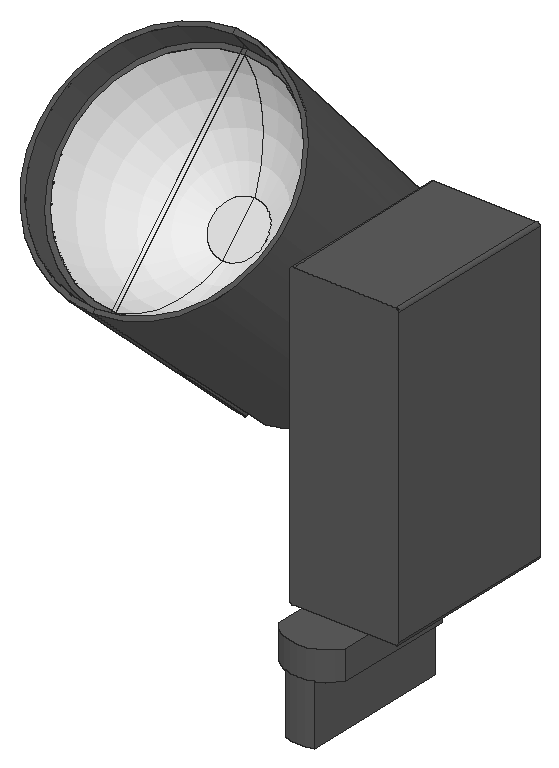
Revit family "0004845 Feilo Sylvania Lighting Fixture START TRACK SPOT L 55W 3K RA80 MB BLACK", category Lighting Fixtures, host Face, Revit 2017 (continued)
Definition of nested family "Start Track Spot Head"
  Types (96, lengths in mm): name | Wattage | built-in parameter 1150134 | Photometric Web File | Model | built-in parameter 1150105 | Lumens | built-in parameter 1150107 | built-in parameter 1150106 | HeadThickness_FEILO | HeadRibOffset_FEILO | HeadRibDepth_FEILO | HeadRibCutWidth_FEILO | HeadRibCutOffset_FEILO | HeadReflectorRadius_FEILO | HeadReflectorOffset_FEILO | HeadLEDRadius_FEILO | HeadHeight_FEILO | HeadDiffusorOffset_FEILO | HeadDiaOut_FEILO | HeadDiaIn_FEILO | HeadAxisFromTop_FEILO | Emit from Circle Diameter | built-in parameter 1150104 | Description | Apparent Load
    0004864 START TRACK SPOT S 24W 3K RA90 WB WHITE | 24 W | (empty or 0) | "0004864.ies" | "START TRACK SPOT S 24W 3K RA90 WB WHITE" | 152.79 (stored number, unit not read) | 1920 lm | 3000 (stored number, unit not read) | 1.5279 (stored number, unit not read) | 1.5 | 4.179 | 55.714 | 7.167 | 50.87 | 50.588 | 55.714 | 9.556 | 117 | 9.435 | 86 | 77.477 | 69.354 | 77.477 | 7.4322 (stored number, unit not read) | "Integrated LED spotlight, Textured White - RAL9016, compact and minimalist design, ideal for retail applications, die-cast aluminium body, passive cooling heatsink. Beam angle: 64°, color temperature: 3000K , total system power: 24W, total fixture output: 1928 lm, LOR: 100%, colour rendering: Ra: 90 typical, LED Chromaticity: 3 step MacAdam ellipse, lifetime: >50000 hours at L70B50, energy class: A++, A+, A, IR/UV free light source without heat radiation, operating voltage: 220-240V / 50-60Hz, drive current: 600mA, electronic driver, non-dimmable, power factor: 0.95, electrical protection: Class II, Global Track 3 Phase adapter suitable for Global trac 3-circuit tracks, ingress protection rating: IP20, suitable for internal environment only, horizontal rotation: 355°, vertical tilt: 90°, dimensions: Ø86x140x200, weight: 0.966kg." | 24 VA
    0004863 START TRACK SPOT S 24W 3K RA90 MB WHITE | 24 W | (empty or 0) | "0004863.ies" | "START TRACK SPOT S 24W 3K RA90 MB WHITE" | 154.7 (stored number, unit not read) | 1944 lm | 3000 (stored number, unit not read) | 1.547 (stored number, unit not read) | 1.5 | 4.179 | 55.714 | 7.167 | 50.87 | 50.588 | 55.714 | 9.556 | 117 | 9.435 | 86 | 77.477 | 69.354 | 77.477 | 7.5251 (stored number, unit not read) | "Integrated LED spotlight, Textured White - RAL9016, compact and minimalist design, ideal for retail applications, die-cast aluminium body, passive cooling heatsink. Beam angle: 36°, color temperature: 3000K , total system power: 24W, total fixture output: 1944 lm, LOR: 100%, colour rendering: Ra: 90 typical, LED Chromaticity: 3 step MacAdam ellipse, lifetime: >50000 hours at L70B50, energy class: A++, A+, A, IR/UV free light source without heat radiation, operating voltage: 220-240V / 50-60Hz, drive current: 600mA, electronic driver, non-dimmable, power factor: 0.95, electrical protection: Class II, Global Track 3 Phase adapter suitable for Global trac 3-circuit tracks, ingress protection rating: IP20, suitable for internal environment only, horizontal rotation: 355°, vertical tilt: 90°, dimensions: Ø86x140x200, weight: 0.966kg." | 24 VA
    0004862 START TRACK SPOT S 24W 3K RA90 NB WHITE | 24 W | (empty or 0) | "0004862.ies" | "START TRACK SPOT S 24W 3K RA90 NB WHITE" | 158.52 (stored number, unit not read) | 1992 lm | 3000 (stored number, unit not read) | 1.5852 (stored number, unit not read) | 1.5 | 4.179 | 55.714 | 7.167 | 50.87 | 50.588 | 55.714 | 9.556 | 117 | 9.435 | 86 | 77.477 | 69.354 | 77.477 | 7.711 (stored number, unit not read) | "Integrated LED spotlight, Textured White - RAL9016, compact and minimalist design, ideal for retail applications, die-cast aluminium body, passive cooling heatsink. Beam angle: 12°, color temperature: 3000K , total system power: 24W, total fixture output: 1987 lm, LOR: 100%, colour rendering: Ra: 90 typical, LED Chromaticity: 3 step MacAdam ellipse, lifetime: >50000 hours at L70B50, energy class: A++, A+, A, IR/UV free light source without heat radiation, operating voltage: 220-240V / 50-60Hz, drive current: 600mA, electronic driver, non-dimmable, power factor: 0.95, electrical protection: Class II, Global Track 3 Phase adapter suitable for Global trac 3-circuit tracks, ingress protection rating: IP20, suitable for internal environment only, horizontal rotation: 355°, vertical tilt: 90°, dimensions: Ø86x140x200, weight: 0.966kg." | 24 VA
    0004861 START TRACK SPOT S 14W 3K RA90 WB WHITE | 14 W | (empty or 0) | "0004861.ies" | "START TRACK SPOT S 14W 3K RA90 WB WHITE" | 100.27 (stored number, unit not read) | 1260 lm | 3000 (stored number, unit not read) | 1.0027 (stored number, unit not read) | 1.5 | 4.179 | 55.714 | 7.167 | 50.87 | 50.588 | 55.714 | 9.556 | 117 | 9.435 | 86 | 77.477 | 69.354 | 77.477 | 8.3613 (stored number, unit not read) | "Integrated LED spotlight, Textured White - RAL9016, compact and minimalist design, ideal for retail applications, die-cast aluminium body, passive cooling heatsink. Beam angle: 64°, color temperature: 3000K , total system power: 14W, total fixture output: 1262 lm, LOR: 100%, colour rendering: Ra: 90 typical, LED Chromaticity: 3 step MacAdam ellipse, lifetime: >50000 hours at L70B50, energy class: A++, A+, A, IR/UV free light source without heat radiation, operating voltage: 220-240V / 50-60Hz, drive current: 350mA, electronic driver, non-dimmable, power factor: 0.92, electrical protection: Class II, Global Track 3 Phase adapter suitable for Global trac 3-circuit tracks, ingress protection rating: IP20, suitable for internal environment only, horizontal rotation: 355°, vertical tilt: 90°, dimensions: Ø86x140x200, weight: 0.940kg." | 14 VA
    0004860 START TRACK SPOT S 14W 3K RA90 MB WHITE | 14 W | (empty or 0) | "0004860.ies" | "START TRACK SPOT S 14W 3K RA90 MB WHITE" | 100.27 (stored number, unit not read) | 1260 lm | 3000 (stored number, unit not read) | 1.0027 (stored number, unit not read) | 1.5 | 4.179 | 55.714 | 7.167 | 50.87 | 50.588 | 55.714 | 9.556 | 117 | 9.435 | 86 | 77.477 | 69.354 | 77.477 | 8.3613 (stored number, unit not read) | "Integrated LED spotlight, Textured White - RAL9016, compact and minimalist design, ideal for retail applications, die-cast aluminium body, passive cooling heatsink. Beam angle: 36°, color temperature: 3000K , total system power: 14W, total fixture output: 1262 lm, LOR: 100%, colour rendering: Ra: 90 typical, LED Chromaticity: 3 step MacAdam ellipse, lifetime: >50000 hours at L70B50, energy class: A++, A+, A, IR/UV free light source without heat radiation, operating voltage: 220-240V / 50-60Hz, drive current: 350mA, electronic driver, non-dimmable, power factor: 0.92, electrical protection: Class II, Global Track 3 Phase adapter suitable for Global trac 3-circuit tracks, ingress protection rating: IP20, suitable for internal environment only, horizontal rotation: 355°, vertical tilt: 90°, dimensions: Ø86x140x200, weight: 0.940kg." | 14 VA
    0004859 START TRACK SPOT S 14W 3K RA90 NB WHITE | 14 W | (empty or 0) | "0004859.ies" | "START TRACK SPOT S 14W 3K RA90 NB WHITE" | 102.5 (stored number, unit not read) | 1288 lm | 3000 (stored number, unit not read) | 1.025 (stored number, unit not read) | 1.5 | 4.179 | 55.714 | 7.167 | 50.87 | 50.588 | 55.714 | 9.556 | 117 | 9.435 | 86 | 77.477 | 69.354 | 77.477 | 8.5471 (stored number, unit not read) | "Integrated LED spotlight, Textured White - RAL9016, compact and minimalist design, ideal for retail applications, die-cast aluminium body, passive cooling heatsink. Beam angle: 12°, color temperature: 3000K , total system power: 14W, total fixture output: 1284 lm, LOR: 100%, colour rendering: Ra: 90 typical, LED Chromaticity: 3 step MacAdam ellipse, lifetime: >50000 hours at L70B50, energy class: A++, A+, A, IR/UV free light source without heat radiation, operating voltage: 220-240V / 50-60Hz, drive current: 350mA, electronic driver, non-dimmable, power factor: 0.92, electrical protection: Class II, Global Track 3 Phase adapter suitable for Global trac 3-circuit tracks, ingress protection rating: IP20, suitable for internal environment only, horizontal rotation: 355°, vertical tilt: 90°, dimensions: Ø86x140x200, weight: 0.940kg." | 14 VA
    0004858 START TRACK SPOT L 55W 4K RA80 WB BLACK | 55 W | 12 | "0004858.ies" | "START TRACK SPOT L 55W 4K RA80 WB BLACK" | 424.55 (stored number, unit not read) | 5335 lm | 4000 (stored number, unit not read) | 4.2455 (stored number, unit not read) | 2 | 4.429 | 59.048 | 9.417 | 53.913 | 66.471 | 59.048 | 12.556 | 124 | 10 | 113 | 101.802 | 73.503 | 101.802 | 9.0116 (stored number, unit not read) | "Integrated LED spotlight, Textured Black - RAL9005, compact and minimalist design, ideal for retail applications, die-cast aluminium body, passive cooling heatsink. Beam angle: 52°, color temperature: 4000K , total system power: 55W, total fixture output: 5320 lm, LOR: 100%, colour rendering: Ra: 80 typical, LED Chromaticity: 3 step MacAdam ellipse, lifetime: >50000 hours at L70B50, energy class: A++, A+, A, IR/UV free light source without heat radiation, operating voltage: 220-240V / 50-60Hz, drive current: 1400mA, electronic driver, non-dimmable, power factor: 0.96, electrical protection: Class II, Global Track 3 Phase adapter suitable for Global trac 3-circuit tracks, ingress protection rating: IP20, suitable for internal environment only, horizontal rotation: 355°, vertical tilt: 90°, dimensions: Ø113x164x240, weight: 1.398kg." | 55 VA
    0004857 START TRACK SPOT L 55W 4K RA80 MB BLACK | 55 W | 12 | "0004857.ies" | "START TRACK SPOT L 55W 4K RA80 MB BLACK" | 428.92 (stored number, unit not read) | 5390 lm | 4000 (stored number, unit not read) | 4.2892 (stored number, unit not read) | 2 | 4.429 | 59.048 | 9.417 | 53.913 | 66.471 | 59.048 | 12.556 | 124 | 10 | 113 | 101.802 | 73.503 | 101.802 | 9.1045 (stored number, unit not read) | "Integrated LED spotlight, Textured Black - RAL9005, compact and minimalist design, ideal for retail applications, die-cast aluminium body, passive cooling heatsink. Beam angle: 38°, color temperature: 4000K , total system power: 55W, total fixture output: 5378 lm, LOR: 100%, colour rendering: Ra: 80 typical, LED Chromaticity: 3 step MacAdam ellipse, lifetime: >50000 hours at L70B50, energy class: A++, A+, A, IR/UV free light source without heat radiation, operating voltage: 220-240V / 50-60Hz, drive current: 1400mA, electronic driver, non-dimmable, power factor: 0.96, electrical protection: Class II, Global Track 3 Phase adapter suitable for Global trac 3-circuit tracks, ingress protection rating: IP20, suitable for internal environment only, horizontal rotation: 355°, vertical tilt: 90°, dimensions: Ø113x164x240, weight: 1.398kg." | 55 VA
    0004856 START TRACK SPOT L 55W 4K RA80 NB BLACK | 55 W | 12 | "0004856.ies" | "START TRACK SPOT L 55W 4K RA80 NB BLACK" | 433.3 (stored number, unit not read) | 5445 lm | 4000 (stored number, unit not read) | 4.333 (stored number, unit not read) | 2 | 4.429 | 59.048 | 9.417 | 53.913 | 66.471 | 59.048 | 12.556 | 124 | 10 | 113 | 101.802 | 73.503 | 101.802 | 9.1974 (stored number, unit not read) | "Integrated LED spotlight, Textured Black - RAL9005, compact and minimalist design, ideal for retail applications, die-cast aluminium body, passive cooling heatsink. Beam angle: 15°, color temperature: 4000K , total system power: 55W, total fixture output: 5426 lm, LOR: 100%, colour rendering: Ra: 80 typical, LED Chromaticity: 3 step MacAdam ellipse, lifetime: >50000 hours at L70B50, energy class: A++, A+, A, IR/UV free light source without heat radiation, operating voltage: 220-240V / 50-60Hz, drive current: 1400mA, electronic driver, non-dimmable, power factor: 0.96, electrical protection: Class II, Global Track 3 Phase adapter suitable for Global trac 3-circuit tracks, ingress protection rating: IP20, suitable for internal environment only, horizontal rotation: 355°, vertical tilt: 90°, dimensions: Ø113x164x240, weight: 1.398kg." | 55 VA
    0004855 START TRACK SPOT L 35W 4K RA80 WB BLACK | 35 W | 12 | "0004855.ies" | "START TRACK SPOT L 35W 4K RA80 WB BLACK" | 320.3 (stored number, unit not read) | 4025 lm | 4000 (stored number, unit not read) | 3.203 (stored number, unit not read) | 2 | 4.429 | 59.048 | 9.417 | 53.913 | 66.471 | 59.048 | 12.556 | 124 | 10 | 113 | 101.802 | 73.503 | 101.802 | 10.684 (stored number, unit not read) | "Integrated LED spotlight, Textured Black - RAL9005, compact and minimalist design, ideal for retail applications, die-cast aluminium body, passive cooling heatsink. Beam angle: 52°, color temperature: 4000K , total system power: 35W, total fixture output: 4010 lm, LOR: 100%, colour rendering: Ra: 80 typical, LED Chromaticity: 3 step MacAdam ellipse, lifetime: >50000 hours at L70B50, energy class: A++, A+, A, IR/UV free light source without heat radiation, operating voltage: 220-240V / 50-60Hz, drive current: 900mA, electronic driver, non-dimmable, power factor: 0.93, electrical protection: Class II, Global Track 3 Phase adapter suitable for Global trac 3-circuit tracks, ingress protection rating: IP20, suitable for internal environment only, horizontal rotation: 355°, vertical tilt: 90°, dimensions: Ø113x164x240, weight: 1.368kg." | 35 VA
    0004854 START TRACK SPOT L 35W 4K RA80 MB BLACK | 35 W | 12 | "0004854.ies" | "START TRACK SPOT L 35W 4K RA80 MB BLACK" | 320.3 (stored number, unit not read) | 4025 lm | 4000 (stored number, unit not read) | 3.203 (stored number, unit not read) | 2 | 4.429 | 59.048 | 9.417 | 53.913 | 66.471 | 59.048 | 12.556 | 124 | 10 | 113 | 101.802 | 73.503 | 101.802 | 10.684 (stored number, unit not read) | "Integrated LED spotlight, Textured Black - RAL9005, compact and minimalist design, ideal for retail applications, die-cast aluminium body, passive cooling heatsink. Beam angle: 38°, color temperature: 4000K , total system power: 35W, total fixture output: 4017 lm, LOR: 100%, colour rendering: Ra: 80 typical, LED Chromaticity: 3 step MacAdam ellipse, lifetime: >50000 hours at L70B50, energy class: A++, A+, A, IR/UV free light source without heat radiation, operating voltage: 220-240V / 50-60Hz, drive current: 900mA, electronic driver, non-dimmable, power factor: 0.93, electrical protection: Class II, Global Track 3 Phase adapter suitable for Global trac 3-circuit tracks, ingress protection rating: IP20, suitable for internal environment only, horizontal rotation: 355°, vertical tilt: 90°, dimensions: Ø113x164x240, weight: 1.368kg." | 35 VA
    0004853 START TRACK SPOT L 35W 4K RA80 NB BLACK | 35 W | 12 | "0004853.ies" | "START TRACK SPOT L 35W 4K RA80 NB BLACK" | 331.44 (stored number, unit not read) | 4165 lm | 4000 (stored number, unit not read) | 3.3144 (stored number, unit not read) | 2 | 4.429 | 59.048 | 9.417 | 53.913 | 66.471 | 59.048 | 12.556 | 124 | 10 | 113 | 101.802 | 73.503 | 101.802 | 11.055 (stored number, unit not read) | "Integrated LED spotlight, Textured Black - RAL9005, compact and minimalist design, ideal for retail applications, die-cast aluminium body, passive cooling heatsink. Beam angle: 15°, color temperature: 4000K , total system power: 35W, total fixture output: 4174 lm, LOR: 100%, colour rendering: Ra: 80 typical, LED Chromaticity: 3 step MacAdam ellipse, lifetime: >50000 hours at L70B50, energy class: A++, A+, A, IR/UV free light source without heat radiation, operating voltage: 220-240V / 50-60Hz, drive current: 900mA, electronic driver, non-dimmable, power factor: 0.93, electrical protection: Class II, Global Track 3 Phase adapter suitable for Global trac 3-circuit tracks, ingress protection rating: IP20, suitable for internal environment only, horizontal rotation: 355°, vertical tilt: 90°, dimensions: Ø113x164x240, weight: 1.368kg." | 35 VA
    0004852 START TRACK SPOT S 24W 4K RA80 WB BLACK | 24 W | 12 | "0004852.ies" | "START TRACK SPOT S 24W 4K RA80 WB BLACK" | 196.72 (stored number, unit not read) | 2472 lm | 4000 (stored number, unit not read) | 1.9672 (stored number, unit not read) | 1.5 | 4.179 | 55.714 | 7.167 | 50.87 | 50.588 | 55.714 | 9.556 | 117 | 9.435 | 86 | 77.477 | 69.354 | 77.477 | 9.569 (stored number, unit not read) | "Integrated LED spotlight, Textured Black - RAL9005, compact and minimalist design, ideal for retail applications, die-cast aluminium body, passive cooling heatsink. Beam angle: 64°, color temperature: 4000K , total system power: 24W, total fixture output: 2476 lm, LOR: 100%, colour rendering: Ra: 80 typical, LED Chromaticity: 3 step MacAdam ellipse, lifetime: >50000 hours at L70B50, energy class: A++, A+, A, IR/UV free light source without heat radiation, operating voltage: 220-240V / 50-60Hz, drive current: 600mA, electronic driver, non-dimmable, power factor: 0.95, electrical protection: Class II, Global Track 3 Phase adapter suitable for Global trac 3-circuit tracks, ingress protection rating: IP20, suitable for internal environment only, horizontal rotation: 355°, vertical tilt: 90°, dimensions: Ø86x140x200, weight: 0.966kg." | 24 VA
    0004851 START TRACK SPOT S 24W 4K RA80 MB BLACK | 24 W | 12 | "0004851.ies" | "START TRACK SPOT S 24W 4K RA80 MB BLACK" | 198.63 (stored number, unit not read) | 2496 lm | 4000 (stored number, unit not read) | 1.9863 (stored number, unit not read) | 1.5 | 4.179 | 55.714 | 7.167 | 50.87 | 50.588 | 55.714 | 9.556 | 117 | 9.435 | 86 | 77.477 | 69.354 | 77.477 | 9.6619 (stored number, unit not read) | "Integrated LED spotlight, Textured Black - RAL9005, compact and minimalist design, ideal for retail applications, die-cast aluminium body, passive cooling heatsink. Beam angle: 36°, color temperature: 4000K , total system power: 24W, total fixture output: 2487 lm, LOR: 100%, colour rendering: Ra: 80 typical, LED Chromaticity: 3 step MacAdam ellipse, lifetime: >50000 hours at L70B50, energy class: A++, A+, A, IR/UV free light source without heat radiation, operating voltage: 220-240V / 50-60Hz, drive current: 600mA, electronic driver, non-dimmable, power factor: 0.95, electrical protection: Class II, Global Track 3 Phase adapter suitable for Global trac 3-circuit tracks, ingress protection rating: IP20, suitable for internal environment only, horizontal rotation: 355°, vertical tilt: 90°, dimensions: Ø86x140x200, weight: 0.966kg." | 24 VA
    0004850 START TRACK SPOT S 24W 4K RA80 NB BLACK | 24 W | 12 | "0004850.ies" | "START TRACK SPOT S 24W 4K RA80 NB BLACK" | 200.54 (stored number, unit not read) | 2520 lm | 4000 (stored number, unit not read) | 2.0054 (stored number, unit not read) | 1.5 | 4.179 | 55.714 | 7.167 | 50.87 | 50.588 | 55.714 | 9.556 | 117 | 9.435 | 86 | 77.477 | 69.354 | 77.477 | 9.7548 (stored number, unit not read) | "Integrated LED spotlight, Textured Black - RAL9005, compact and minimalist design, ideal for retail applications, die-cast aluminium body, passive cooling heatsink. Beam angle: 12°, color temperature: 4000K , total system power: 24W, total fixture output: 2529 lm, LOR: 100%, colour rendering: Ra: 80 typical, LED Chromaticity: 3 step MacAdam ellipse, lifetime: >50000 hours at L70B50, energy class: A++, A+, A, IR/UV free light source without heat radiation, operating voltage: 220-240V / 50-60Hz, drive current: 600mA, electronic driver, non-dimmable, power factor: 0.95, electrical protection: Class II, Global Track 3 Phase adapter suitable for Global trac 3-circuit tracks, ingress protection rating: IP20, suitable for internal environment only, horizontal rotation: 355°, vertical tilt: 90°, dimensions: Ø86x140x200, weight: 0.966kg." | 24 VA
    0004849 START TRACK SPOT S 14W 4K RA80 WB BLACK | 14 W | 12 | "0004849.ies" | "START TRACK SPOT S 14W 4K RA80 WB BLACK" | 123.66 (stored number, unit not read) | 1554 lm | 4000 (stored number, unit not read) | 1.2366 (stored number, unit not read) | 1.5 | 4.179 | 55.714 | 7.167 | 50.87 | 50.588 | 55.714 | 9.556 | 117 | 9.435 | 86 | 77.477 | 69.354 | 77.477 | 10.312 (stored number, unit not read) | "Integrated LED spotlight, Textured Black - RAL9005, compact and minimalist design, ideal for retail applications, die-cast aluminium body, passive cooling heatsink. Beam angle: 64°, color temperature: 4000K , total system power: 14W, total fixture output: 1558 lm, LOR: 100%, colour rendering: Ra: 80 typical, LED Chromaticity: 3 step MacAdam ellipse, lifetime: >50000 hours at L70B50, energy class: A++, A+, A, IR/UV free light source without heat radiation, operating voltage: 220-240V / 50-60Hz, drive current: 350mA, electronic driver, non-dimmable, power factor: 0.92, electrical protection: Class II, Global Track 3 Phase adapter suitable for Global trac 3-circuit tracks, ingress protection rating: IP20, suitable for internal environment only, horizontal rotation: 355°, vertical tilt: 90°, dimensions: Ø86x140x200, weight: 0.940kg." | 14 VA
    0004848 START TRACK SPOT S 14W 4K RA80 MB BLACK | 14 W | 12 | "0004848.ies" | "START TRACK SPOT S 14W 4K RA80 MB BLACK" | 127.01 (stored number, unit not read) | 1596 lm | 4000 (stored number, unit not read) | 1.2701 (stored number, unit not read) | 1.5 | 4.179 | 55.714 | 7.167 | 50.87 | 50.588 | 55.714 | 9.556 | 117 | 9.435 | 86 | 77.477 | 69.354 | 77.477 | 10.591 (stored number, unit not read) | "Integrated LED spotlight, Textured Black - RAL9005, compact and minimalist design, ideal for retail applications, die-cast aluminium body, passive cooling heatsink. Beam angle: 36°, color temperature: 4000K , total system power: 14W, total fixture output: 1598 lm, LOR: 100%, colour rendering: Ra: 80 typical, LED Chromaticity: 3 step MacAdam ellipse, lifetime: >50000 hours at L70B50, energy class: A++, A+, A, IR/UV free light source without heat radiation, operating voltage: 220-240V / 50-60Hz, drive current: 350mA, electronic driver, non-dimmable, power factor: 0.92, electrical protection: Class II, Global Track 3 Phase adapter suitable for Global trac 3-circuit tracks, ingress protection rating: IP20, suitable for internal environment only, horizontal rotation: 355°, vertical tilt: 90°, dimensions: Ø86x140x200, weight: 0.940kg." | 14 VA
    0004847 START TRACK SPOT S 14W 4K RA80 NB BLACK | 14 W | 12 | "0004847.ies" | "START TRACK SPOT S 14W 4K RA80 NB BLACK" | 128.12 (stored number, unit not read) | 1610 lm | 4000 (stored number, unit not read) | 1.2812 (stored number, unit not read) | 1.5 | 4.179 | 55.714 | 7.167 | 50.87 | 50.588 | 55.714 | 9.556 | 117 | 9.435 | 86 | 77.477 | 69.354 | 77.477 | 10.684 (stored number, unit not read) | "Integrated LED spotlight, Textured Black - RAL9005, compact and minimalist design, ideal for retail applications, die-cast aluminium body, passive cooling heatsink. Beam angle: 12°, color temperature: 4000K , total system power: 14W, total fixture output: 1608 lm, LOR: 100%, colour rendering: Ra: 80 typical, LED Chromaticity: 3 step MacAdam ellipse, lifetime: >50000 hours at L70B50, energy class: A++, A+, A, IR/UV free light source without heat radiation, operating voltage: 220-240V / 50-60Hz, drive current: 350mA, electronic driver, non-dimmable, power factor: 0.92, electrical protection: Class II, Global Track 3 Phase adapter suitable for Global trac 3-circuit tracks, ingress protection rating: IP20, suitable for internal environment only, horizontal rotation: 355°, vertical tilt: 90°, dimensions: Ø86x140x200, weight: 0.940kg." | 14 VA
    0004846 START TRACK SPOT L 55W 3K RA80 WB BLACK | 55 W | (empty or 0) | "0004846.ies" | "START TRACK SPOT L 55W 3K RA80 WB BLACK" | 420.17 (stored number, unit not read) | 5280 lm | 3000 (stored number, unit not read) | 4.2017 (stored number, unit not read) | 2 | 4.429 | 59.048 | 9.417 | 53.913 | 66.471 | 59.048 | 12.556 | 124 | 10 | 113 | 101.802 | 73.503 | 101.802 | 8.9187 (stored number, unit not read) | "Integrated LED spotlight, Textured Black - RAL9005, compact and minimalist design, ideal for retail applications, die-cast aluminium body, passive cooling heatsink. Beam angle: 52°, color temperature: 3000K , total system power: 55W, total fixture output: 5298 lm, LOR: 100%, colour rendering: Ra: 80 typical, LED Chromaticity: 3 step MacAdam ellipse, lifetime: >50000 hours at L70B50, energy class: A++, A+, A, IR/UV free light source without heat radiation, operating voltage: 220-240V / 50-60Hz, drive current: 1400mA, electronic driver, non-dimmable, power factor: 0.96, electrical protection: Class II, Global Track 3 Phase adapter suitable for Global trac 3-circuit tracks, ingress protection rating: IP20, suitable for internal environment only, horizontal rotation: 355°, vertical tilt: 90°, dimensions: Ø113x164x240, weight: 1.398kg." | 55 VA
    0004845 START TRACK SPOT L 55W 3K RA80 MB BLACK | 55 W | (empty or 0) | "0004845.ies" | "START TRACK SPOT L 55W 3K RA80 MB BLACK" | 428.92 (stored number, unit not read) | 5390 lm | 3000 (stored number, unit not read) | 4.2892 (stored number, unit not read) | 2 | 4.429 | 59.048 | 9.417 | 53.913 | 66.471 | 59.048 | 12.556 | 124 | 10 | 113 | 101.802 | 73.503 | 101.802 | 9.1045 (stored number, unit not read) | "Integrated LED spotlight, Textured Black - RAL9005, compact and minimalist design, ideal for retail applications, die-cast aluminium body, passive cooling heatsink. Beam angle: 38°, color temperature: 3000K , total system power: 55W, total fixture output: 5381 lm, LOR: 100%, colour rendering: Ra: 80 typical, LED Chromaticity: 3 step MacAdam ellipse, lifetime: >50000 hours at L70B50, energy class: A++, A+, A, IR/UV free light source without heat radiation, operating voltage: 220-240V / 50-60Hz, drive current: 1400mA, electronic driver, non-dimmable, power factor: 0.96, electrical protection: Class II, Global Track 3 Phase adapter suitable for Global trac 3-circuit tracks, ingress protection rating: IP20, suitable for internal environment only, horizontal rotation: 355°, vertical tilt: 90°, dimensions: Ø113x164x240, weight: 1.398kg." | 55 VA
    0004844 START TRACK SPOT L 55W 3K RA80 NB BLACK | 55 W | (empty or 0) | "0004844.ies" | "START TRACK SPOT L 55W 3K RA80 NB BLACK" | 433.3 (stored number, unit not read) | 5445 lm | 3000 (stored number, unit not read) | 4.333 (stored number, unit not read) | 2 | 4.429 | 59.048 | 9.417 | 53.913 | 66.471 | 59.048 | 12.556 | 124 | 10 | 113 | 101.802 | 73.503 | 101.802 | 9.1974 (stored number, unit not read) | "Integrated LED spotlight, Textured Black - RAL9005, compact and minimalist design, ideal for retail applications, die-cast aluminium body, passive cooling heatsink. Beam angle: 15°, color temperature: 3000K , total system power: 55W, total fixture output: 5449 lm, LOR: 100%, colour rendering: Ra: 80 typical, LED Chromaticity: 3 step MacAdam ellipse, lifetime: >50000 hours at L70B50, energy class: A++, A+, A, IR/UV free light source without heat radiation, operating voltage: 220-240V / 50-60Hz, drive current: 1400mA, electronic driver, non-dimmable, power factor: 0.96, electrical protection: Class II, Global Track 3 Phase adapter suitable for Global trac 3-circuit tracks, ingress protection rating: IP20, suitable for internal environment only, horizontal rotation: 355°, vertical tilt: 90°, dimensions: Ø113x164x240, weight: 1.398kg." | 55 VA
    0004843 START TRACK SPOT L 35W 3K RA80 WB BLACK | 35 W | (empty or 0) | "0004843.ies" | "START TRACK SPOT L 35W 3K RA80 WB BLACK" | 314.73 (stored number, unit not read) | 3955 lm | 3000 (stored number, unit not read) | 3.1473 (stored number, unit not read) | 2 | 4.429 | 59.048 | 9.417 | 53.913 | 66.471 | 59.048 | 12.556 | 124 | 10 | 113 | 101.802 | 73.503 | 101.802 | 10.498 (stored number, unit not read) | "Integrated LED spotlight, Textured Black - RAL9005, compact and minimalist design, ideal for retail applications, die-cast aluminium body, passive cooling heatsink. Beam angle: 52°, color temperature: 3000K , total system power: 35W, total fixture output: 3943 lm, LOR: 100%, colour rendering: Ra: 80 typical, LED Chromaticity: 3 step MacAdam ellipse, lifetime: >50000 hours at L70B50, energy class: A++, A+, A, IR/UV free light source without heat radiation, operating voltage: 220-240V / 50-60Hz, drive current: 900mA, electronic driver, non-dimmable, power factor: 0.93, electrical protection: Class II, Global Track 3 Phase adapter suitable for Global trac 3-circuit tracks, ingress protection rating: IP20, suitable for internal environment only, horizontal rotation: 355°, vertical tilt: 90°, dimensions: Ø113x164x240, weight: 1.368kg." | 35 VA
    0004842 START TRACK SPOT L 35W 3K RA80 MB BLACK | 35 W | (empty or 0) | "0004842.ies" | "START TRACK SPOT L 35W 3K RA80 MB BLACK" | 320.3 (stored number, unit not read) | 4025 lm | 3000 (stored number, unit not read) | 3.203 (stored number, unit not read) | 2 | 4.429 | 59.048 | 9.417 | 53.913 | 66.471 | 59.048 | 12.556 | 124 | 10 | 113 | 101.802 | 73.503 | 101.802 | 10.684 (stored number, unit not read) | "Integrated LED spotlight, Textured Black - RAL9005, compact and minimalist design, ideal for retail applications, die-cast aluminium body, passive cooling heatsink. Beam angle: 38°, color temperature: 3000K , total system power: 35W, total fixture output: 4008 lm, LOR: 100%, colour rendering: Ra: 80 typical, LED Chromaticity: 3 step MacAdam ellipse, lifetime: >50000 hours at L70B50, energy class: A++, A+, A, IR/UV free light source without heat radiation, operating voltage: 220-240V / 50-60Hz, drive current: 900mA, electronic driver, non-dimmable, power factor: 0.93, electrical protection: Class II, Global Track 3 Phase adapter suitable for Global trac 3-circuit tracks, ingress protection rating: IP20, suitable for internal environment only, horizontal rotation: 355°, vertical tilt: 90°, dimensions: Ø113x164x240, weight: 1.368kg." | 35 VA
    0004841 START TRACK SPOT L 35W 3K RA80 NB BLACK | 35 W | (empty or 0) | "0004841.ies" | "START TRACK SPOT L 35W 3K RA80 NB BLACK" | 317.51 (stored number, unit not read) | 3990 lm | 3000 (stored number, unit not read) | 3.1751 (stored number, unit not read) | 2 | 4.429 | 59.048 | 9.417 | 53.913 | 66.471 | 59.048 | 12.556 | 124 | 10 | 113 | 101.802 | 73.503 | 101.802 | 10.591 (stored number, unit not read) | "Integrated LED spotlight, Textured Black - RAL9005, compact and minimalist design, ideal for retail applications, die-cast aluminium body, passive cooling heatsink. Beam angle: 15°, color temperature: 3000K , total system power: 35W, total fixture output: 4005 lm, LOR: 100%, colour rendering: Ra: 80 typical, LED Chromaticity: 3 step MacAdam ellipse, lifetime: >50000 hours at L70B50, energy class: A++, A+, A, IR/UV free light source without heat radiation, operating voltage: 220-240V / 50-60Hz, drive current: 900mA, electronic driver, non-dimmable, power factor: 0.93, electrical protection: Class II, Global Track 3 Phase adapter suitable for Global trac 3-circuit tracks, ingress protection rating: IP20, suitable for internal environment only, horizontal rotation: 355°, vertical tilt: 90°, dimensions: Ø113x164x240, weight: 1.368kg." | 35 VA
    0004840 START TRACK SPOT S 24W 3K RA80 WB BLACK | 24 W | (empty or 0) | "0004840.ies" | "START TRACK SPOT S 24W 3K RA80 WB BLACK" | 185.26 (stored number, unit not read) | 2328 lm | 3000 (stored number, unit not read) | 1.8526 (stored number, unit not read) | 1.5 | 4.179 | 55.714 | 7.167 | 50.87 | 50.588 | 55.714 | 9.556 | 117 | 9.435 | 86 | 77.477 | 69.354 | 77.477 | 9.0116 (stored number, unit not read) | "Integrated LED spotlight, Textured Black - RAL9005, compact and minimalist design, ideal for retail applications, die-cast aluminium body, passive cooling heatsink. Beam angle: 64°, color temperature: 3000K , total system power: 24W, total fixture output: 2318 lm, LOR: 100%, colour rendering: Ra: 80 typical, LED Chromaticity: 3 step MacAdam ellipse, lifetime: >50000 hours at L70B50, energy class: A++, A+, A, IR/UV free light source without heat radiation, operating voltage: 220-240V / 50-60Hz, drive current: 600mA, electronic driver, non-dimmable, power factor: 0.95, electrical protection: Class II, Global Track 3 Phase adapter suitable for Global trac 3-circuit tracks, ingress protection rating: IP20, suitable for internal environment only, horizontal rotation: 355°, vertical tilt: 90°, dimensions: Ø86x140x200, weight: 0.966kg." | 24 VA
    0004839 START TRACK SPOT S 24W 3K RA80 MB BLACK | 24 W | (empty or 0) | "0004839.ies" | "START TRACK SPOT S 24W 3K RA80 MB BLACK" | 183.35 (stored number, unit not read) | 2304 lm | 3000 (stored number, unit not read) | 1.8335 (stored number, unit not read) | 1.5 | 4.179 | 55.714 | 7.167 | 50.87 | 50.588 | 55.714 | 9.556 | 117 | 9.435 | 86 | 77.477 | 69.354 | 77.477 | 8.9187 (stored number, unit not read) | "Integrated LED spotlight, Textured Black - RAL9005, compact and minimalist design, ideal for retail applications, die-cast aluminium body, passive cooling heatsink. Beam angle: 36°, color temperature: 3000K , total system power: 24W, total fixture output: 2314 lm, LOR: 100%, colour rendering: Ra: 80 typical, LED Chromaticity: 3 step MacAdam ellipse, lifetime: >50000 hours at L70B50, energy class: A++, A+, A, IR/UV free light source without heat radiation, operating voltage: 220-240V / 50-60Hz, drive current: 600mA, electronic driver, non-dimmable, power factor: 0.95, electrical protection: Class II, Global Track 3 Phase adapter suitable for Global trac 3-circuit tracks, ingress protection rating: IP20, suitable for internal environment only, horizontal rotation: 355°, vertical tilt: 90°, dimensions: Ø86x140x200, weight: 0.966kg." | 24 VA
    0004838 START TRACK SPOT S 24W 3K RA80 NB BLACK | 24 W | (empty or 0) | "0004838.ies" | "START TRACK SPOT S 24W 3K RA80 NB BLACK" | 185.26 (stored number, unit not read) | 2328 lm | 3000 (stored number, unit not read) | 1.8526 (stored number, unit not read) | 1.5 | 4.179 | 55.714 | 7.167 | 50.87 | 50.588 | 55.714 | 9.556 | 117 | 9.435 | 86 | 77.477 | 69.354 | 77.477 | 9.0116 (stored number, unit not read) | "Integrated LED spotlight, Textured Black - RAL9005, compact and minimalist design, ideal for retail applications, die-cast aluminium body, passive cooling heatsink. Beam angle: 12°, color temperature: 3000K , total system power: 24W, total fixture output: 2334 lm, LOR: 100%, colour rendering: Ra: 80 typical, LED Chromaticity: 3 step MacAdam ellipse, lifetime: >50000 hours at L70B50, energy class: A++, A+, A, IR/UV free light source without heat radiation, operating voltage: 220-240V / 50-60Hz, drive current: 600mA, electronic driver, non-dimmable, power factor: 0.95, electrical protection: Class II, Global Track 3 Phase adapter suitable for Global trac 3-circuit tracks, ingress protection rating: IP20, suitable for internal environment only, horizontal rotation: 355°, vertical tilt: 90°, dimensions: Ø86x140x200, weight: 0.966kg." | 24 VA
    0004837 START TRACK SPOT S 14W 3K RA80 WB BLACK | 14 W | (empty or 0) | "0004837.ies" | "START TRACK SPOT S 14W 3K RA80 WB BLACK" | 119.21 (stored number, unit not read) | 1498 lm | 3000 (stored number, unit not read) | 1.1921 (stored number, unit not read) | 1.5 | 4.179 | 55.714 | 7.167 | 50.87 | 50.588 | 55.714 | 9.556 | 117 | 9.435 | 86 | 77.477 | 69.354 | 77.477 | 9.9406 (stored number, unit not read) | "Integrated LED spotlight, Textured Black - RAL9005, compact and minimalist design, ideal for retail applications, die-cast aluminium body, passive cooling heatsink. Beam angle: 64°, color temperature: 3000K , total system power: 14W, total fixture output: 1498 lm, LOR: 100%, colour rendering: Ra: 80 typical, LED Chromaticity: 3 step MacAdam ellipse, lifetime: >50000 hours at L70B50, energy class: A++, A+, A, IR/UV free light source without heat radiation, operating voltage: 220-240V / 50-60Hz, drive current: 350mA, electronic driver, non-dimmable, power factor: 0.92, electrical protection: Class II, Global Track 3 Phase adapter suitable for Global trac 3-circuit tracks, ingress protection rating: IP20, suitable for internal environment only, horizontal rotation: 355°, vertical tilt: 90°, dimensions: Ø86x140x200, weight: 0.940kg." | 14 VA
    0004836 START TRACK SPOT S 14W 3K RA80 MB BLACK | 14 W | (empty or 0) | "0004836.ies" | "START TRACK SPOT S 14W 3K RA80 MB BLACK" | 120.32 (stored number, unit not read) | 1512 lm | 3000 (stored number, unit not read) | 1.2032 (stored number, unit not read) | 1.5 | 4.179 | 55.714 | 7.167 | 50.87 | 50.588 | 55.714 | 9.556 | 117 | 9.435 | 86 | 77.477 | 69.354 | 77.477 | 10.034 (stored number, unit not read) | "Integrated LED spotlight, Textured Black - RAL9005, compact and minimalist design, ideal for retail applications, die-cast aluminium body, passive cooling heatsink. Beam angle: 36°, color temperature: 3000K , total system power: 14W, total fixture output: 1508 lm, LOR: 100%, colour rendering: Ra: 80 typical, LED Chromaticity: 3 step MacAdam ellipse, lifetime: >50000 hours at L70B50, energy class: A++, A+, A, IR/UV free light source without heat radiation, operating voltage: 220-240V / 50-60Hz, drive current: 350mA, electronic driver, non-dimmable, power factor: 0.92, electrical protection: Class II, Global Track 3 Phase adapter suitable for Global trac 3-circuit tracks, ingress protection rating: IP20, suitable for internal environment only, horizontal rotation: 355°, vertical tilt: 90°, dimensions: Ø86x140x200, weight: 0.940kg." | 14 VA
    0004835 START TRACK SPOT S 14W 3K RA80 NB BLACK | 14 W | (empty or 0) | "0004835.ies" | "START TRACK SPOT S 14W 3K RA80 NB BLACK" | 123.66 (stored number, unit not read) | 1554 lm | 3000 (stored number, unit not read) | 1.2366 (stored number, unit not read) | 1.5 | 4.179 | 55.714 | 7.167 | 50.87 | 50.588 | 55.714 | 9.556 | 117 | 9.435 | 86 | 77.477 | 69.354 | 77.477 | 10.312 (stored number, unit not read) | "Integrated LED spotlight, Textured Black - RAL9005, compact and minimalist design, ideal for retail applications, die-cast aluminium body, passive cooling heatsink. Beam angle: 12°, color temperature: 3000K , total system power: 14W, total fixture output: 1551 lm, LOR: 100%, colour rendering: Ra: 80 typical, LED Chromaticity: 3 step MacAdam ellipse, lifetime: >50000 hours at L70B50, energy class: A++, A+, A, IR/UV free light source without heat radiation, operating voltage: 220-240V / 50-60Hz, drive current: 350mA, electronic driver, non-dimmable, power factor: 0.92, electrical protection: Class II, Global Track 3 Phase adapter suitable for Global trac 3-circuit tracks, ingress protection rating: IP20, suitable for internal environment only, horizontal rotation: 355°, vertical tilt: 90°, dimensions: Ø86x140x200, weight: 0.940kg." | 14 VA
    0004834 START TRACK SPOT L 55W 4K RA80 WB WHITE | 55 W | 12 | "0004834.ies" | "START TRACK SPOT L 55W 4K RA80 WB WHITE" | 424.55 (stored number, unit not read) | 5335 lm | 4000 (stored number, unit not read) | 4.2455 (stored number, unit not read) | 2 | 4.429 | 59.048 | 9.417 | 53.913 | 66.471 | 59.048 | 12.556 | 124 | 10 | 113 | 101.802 | 73.503 | 101.802 | 9.0116 (stored number, unit not read) | "Integrated LED spotlight, Textured White - RAL9016, compact and minimalist design, ideal for retail applications, die-cast aluminium body, passive cooling heatsink. Beam angle: 52°, color temperature: 4000K , total system power: 55W, total fixture output: 5320 lm, LOR: 100%, colour rendering: Ra: 80 typical, LED Chromaticity: 3 step MacAdam ellipse, lifetime: >50000 hours at L70B50, energy class: A++, A+, A, IR/UV free light source without heat radiation, operating voltage: 220-240V / 50-60Hz, drive current: 1400mA, electronic driver, non-dimmable, power factor: 0.96, electrical protection: Class II, Global Track 3 Phase adapter suitable for Global trac 3-circuit tracks, ingress protection rating: IP20, suitable for internal environment only, horizontal rotation: 355°, vertical tilt: 90°, dimensions: Ø113x164x240, weight: 1.398kg." | 55 VA
    0004833 START TRACK SPOT L 55W 4K RA80 MB WHITE | 55 W | 12 | "0004833.ies" | "START TRACK SPOT L 55W 4K RA80 MB WHITE" | 428.92 (stored number, unit not read) | 5390 lm | 4000 (stored number, unit not read) | 4.2892 (stored number, unit not read) | 2 | 4.429 | 59.048 | 9.417 | 53.913 | 66.471 | 59.048 | 12.556 | 124 | 10 | 113 | 101.802 | 73.503 | 101.802 | 9.1045 (stored number, unit not read) | "Integrated LED spotlight, Textured White - RAL9016, compact and minimalist design, ideal for retail applications, die-cast aluminium body, passive cooling heatsink. Beam angle: 38°, color temperature: 4000K , total system power: 55W, total fixture output: 5378 lm, LOR: 100%, colour rendering: Ra: 80 typical, LED Chromaticity: 3 step MacAdam ellipse, lifetime: >50000 hours at L70B50, energy class: A++, A+, A, IR/UV free light source without heat radiation, operating voltage: 220-240V / 50-60Hz, drive current: 1400mA, electronic driver, non-dimmable, power factor: 0.96, electrical protection: Class II, Global Track 3 Phase adapter suitable for Global trac 3-circuit tracks, ingress protection rating: IP20, suitable for internal environment only, horizontal rotation: 355°, vertical tilt: 90°, dimensions: Ø113x164x240, weight: 1.398kg." | 55 VA
    0004832 START TRACK SPOT L 55W 4K RA80 NB WHITE | 55 W | 12 | "0004832.ies" | "START TRACK SPOT L 55W 4K RA80 NB WHITE" | 433.3 (stored number, unit not read) | 5445 lm | 4000 (stored number, unit not read) | 4.333 (stored number, unit not read) | 2 | 4.429 | 59.048 | 9.417 | 53.913 | 66.471 | 59.048 | 12.556 | 124 | 10 | 113 | 101.802 | 73.503 | 101.802 | 9.1974 (stored number, unit not read) | "Integrated LED spotlight, Textured White - RAL9016, compact and minimalist design, ideal for retail applications, die-cast aluminium body, passive cooling heatsink. Beam angle: 15°, color temperature: 4000K , total system power: 55W, total fixture output: 5426 lm, LOR: 100%, colour rendering: Ra: 80 typical, LED Chromaticity: 3 step MacAdam ellipse, lifetime: >50000 hours at L70B50, energy class: A++, A+, A, IR/UV free light source without heat radiation, operating voltage: 220-240V / 50-60Hz, drive current: 1400mA, electronic driver, non-dimmable, power factor: 0.96, electrical protection: Class II, Global Track 3 Phase adapter suitable for Global trac 3-circuit tracks, ingress protection rating: IP20, suitable for internal environment only, horizontal rotation: 355°, vertical tilt: 90°, dimensions: Ø113x164x240, weight: 1.398kg." | 55 VA
    0004831 START TRACK SPOT L 35W 4K RA80 WB WHITE | 35 W | 12 | "0004831.ies" | "START TRACK SPOT L 35W 4K RA80 WB WHITE" | 320.3 (stored number, unit not read) | 4025 lm | 4000 (stored number, unit not read) | 3.203 (stored number, unit not read) | 2 | 4.429 | 59.048 | 9.417 | 53.913 | 66.471 | 59.048 | 12.556 | 124 | 10 | 113 | 101.802 | 73.503 | 101.802 | 10.684 (stored number, unit not read) | "Integrated LED spotlight, Textured White - RAL9016, compact and minimalist design, ideal for retail applications, die-cast aluminium body, passive cooling heatsink. Beam angle: 52°, color temperature: 4000K , total system power: 35W, total fixture output: 4010 lm, LOR: 100%, colour rendering: Ra: 80 typical, LED Chromaticity: 3 step MacAdam ellipse, lifetime: >50000 hours at L70B50, energy class: A++, A+, A, IR/UV free light source without heat radiation, operating voltage: 220-240V / 50-60Hz, drive current: 900mA, electronic driver, non-dimmable, power factor: 0.93, electrical protection: Class II, Global Track 3 Phase adapter suitable for Global trac 3-circuit tracks, ingress protection rating: IP20, suitable for internal environment only, horizontal rotation: 355°, vertical tilt: 90°, dimensions: Ø113x164x240, weight: 1.368kg." | 35 VA
    0004830 START TRACK SPOT L 35W 4K RA80 MB WHITE | 35 W | 12 | "0004830.ies" | "START TRACK SPOT L 35W 4K RA80 MB WHITE" | 320.3 (stored number, unit not read) | 4025 lm | 4000 (stored number, unit not read) | 3.203 (stored number, unit not read) | 2 | 4.429 | 59.048 | 9.417 | 53.913 | 66.471 | 59.048 | 12.556 | 124 | 10 | 113 | 101.802 | 73.503 | 101.802 | 10.684 (stored number, unit not read) | "Integrated LED spotlight, Textured White - RAL9016, compact and minimalist design, ideal for retail applications, die-cast aluminium body, passive cooling heatsink. Beam angle: 38°, color temperature: 4000K , total system power: 35W, total fixture output: 4017 lm, LOR: 100%, colour rendering: Ra: 80 typical, LED Chromaticity: 3 step MacAdam ellipse, lifetime: >50000 hours at L70B50, energy class: A++, A+, A, IR/UV free light source without heat radiation, operating voltage: 220-240V / 50-60Hz, drive current: 900mA, electronic driver, non-dimmable, power factor: 0.93, electrical protection: Class II, Global Track 3 Phase adapter suitable for Global trac 3-circuit tracks, ingress protection rating: IP20, suitable for internal environment only, horizontal rotation: 355°, vertical tilt: 90°, dimensions: Ø113x164x240, weight: 1.368kg." | 35 VA
    0004829 START TRACK SPOT L 35W 4K RA80 NB WHITE | 35 W | 12 | "0004829.ies" | "START TRACK SPOT L 35W 4K RA80 NB WHITE" | 331.44 (stored number, unit not read) | 4165 lm | 4000 (stored number, unit not read) | 3.3144 (stored number, unit not read) | 2 | 4.429 | 59.048 | 9.417 | 53.913 | 66.471 | 59.048 | 12.556 | 124 | 10 | 113 | 101.802 | 73.503 | 101.802 | 11.055 (stored number, unit not read) | "Integrated LED spotlight, Textured White - RAL9016, compact and minimalist design, ideal for retail applications, die-cast aluminium body, passive cooling heatsink. Beam angle: 15°, color temperature: 4000K , total system power: 35W, total fixture output: 4174 lm, LOR: 100%, colour rendering: Ra: 80 typical, LED Chromaticity: 3 step MacAdam ellipse, lifetime: >50000 hours at L70B50, energy class: A++, A+, A, IR/UV free light source without heat radiation, operating voltage: 220-240V / 50-60Hz, drive current: 900mA, electronic driver, non-dimmable, power factor: 0.93, electrical protection: Class II, Global Track 3 Phase adapter suitable for Global trac 3-circuit tracks, ingress protection rating: IP20, suitable for internal environment only, horizontal rotation: 355°, vertical tilt: 90°, dimensions: Ø113x164x240, weight: 1.368kg." | 35 VA
    0004828 START TRACK SPOT S 24W 4K RA80 WB WHITE | 24 W | 12 | "0004828.ies" | "START TRACK SPOT S 24W 4K RA80 WB WHITE" | 196.72 (stored number, unit not read) | 2472 lm | 4000 (stored number, unit not read) | 1.9672 (stored number, unit not read) | 1.5 | 4.179 | 55.714 | 7.167 | 50.87 | 50.588 | 55.714 | 9.556 | 117 | 9.435 | 86 | 77.477 | 69.354 | 77.477 | 9.569 (stored number, unit not read) | "Integrated LED spotlight, Textured White - RAL9016, compact and minimalist design, ideal for retail applications, die-cast aluminium body, passive cooling heatsink. Beam angle: 64°, color temperature: 4000K , total system power: 24W, total fixture output: 2476 lm, LOR: 100%, colour rendering: Ra: 80 typical, LED Chromaticity: 3 step MacAdam ellipse, lifetime: >50000 hours at L70B50, energy class: A++, A+, A, IR/UV free light source without heat radiation, operating voltage: 220-240V / 50-60Hz, drive current: 600mA, electronic driver, non-dimmable, power factor: 0.95, electrical protection: Class II, Global Track 3 Phase adapter suitable for Global trac 3-circuit tracks, ingress protection rating: IP20, suitable for internal environment only, horizontal rotation: 355°, vertical tilt: 90°, dimensions: Ø86x140x200, weight: 0.966kg." | 24 VA
    0004827 START TRACK SPOT S 24W 4K RA80 MB WHITE | 24 W | 12 | "0004827.ies" | "START TRACK SPOT S 24W 4K RA80 MB WHITE" | 198.63 (stored number, unit not read) | 2496 lm | 4000 (stored number, unit not read) | 1.9863 (stored number, unit not read) | 1.5 | 4.179 | 55.714 | 7.167 | 50.87 | 50.588 | 55.714 | 9.556 | 117 | 9.435 | 86 | 77.477 | 69.354 | 77.477 | 9.6619 (stored number, unit not read) | "Integrated LED spotlight, Textured White - RAL9016, compact and minimalist design, ideal for retail applications, die-cast aluminium body, passive cooling heatsink. Beam angle: 36°, color temperature: 4000K , total system power: 24W, total fixture output: 2487 lm, LOR: 100%, colour rendering: Ra: 80 typical, LED Chromaticity: 3 step MacAdam ellipse, lifetime: >50000 hours at L70B50, energy class: A++, A+, A, IR/UV free light source without heat radiation, operating voltage: 220-240V / 50-60Hz, drive current: 600mA, electronic driver, non-dimmable, power factor: 0.95, electrical protection: Class II, Global Track 3 Phase adapter suitable for Global trac 3-circuit tracks, ingress protection rating: IP20, suitable for internal environment only, horizontal rotation: 355°, vertical tilt: 90°, dimensions: Ø86x140x200, weight: 0.966kg." | 24 VA
    0004826 START TRACK SPOT S 24W 4K RA80 NB WHITE | 24 W | 12 | "0004826.ies" | "START TRACK SPOT S 24W 4K RA80 NB WHITE" | 200.54 (stored number, unit not read) | 2520 lm | 4000 (stored number, unit not read) | 2.0054 (stored number, unit not read) | 1.5 | 4.179 | 55.714 | 7.167 | 50.87 | 50.588 | 55.714 | 9.556 | 117 | 9.435 | 86 | 77.477 | 69.354 | 77.477 | 9.7548 (stored number, unit not read) | "Integrated LED spotlight, Textured White - RAL9016, compact and minimalist design, ideal for retail applications, die-cast aluminium body, passive cooling heatsink. Beam angle: 12°, color temperature: 4000K , total system power: 24W, total fixture output: 2529 lm, LOR: 100%, colour rendering: Ra: 80 typical, LED Chromaticity: 3 step MacAdam ellipse, lifetime: >50000 hours at L70B50, energy class: A++, A+, A, IR/UV free light source without heat radiation, operating voltage: 220-240V / 50-60Hz, drive current: 600mA, electronic driver, non-dimmable, power factor: 0.95, electrical protection: Class II, Global Track 3 Phase adapter suitable for Global trac 3-circuit tracks, ingress protection rating: IP20, suitable for internal environment only, horizontal rotation: 355°, vertical tilt: 90°, dimensions: Ø86x140x200, weight: 0.966kg." | 24 VA
    0004825 START TRACK SPOT S 14W 4K RA80 WB WHITE | 14 W | 12 | "0004825.ies" | "START TRACK SPOT S 14W 4K RA80 WB WHITE" | 123.66 (stored number, unit not read) | 1554 lm | 4000 (stored number, unit not read) | 1.2366 (stored number, unit not read) | 1.5 | 4.179 | 55.714 | 7.167 | 50.87 | 50.588 | 55.714 | 9.556 | 117 | 9.435 | 86 | 77.477 | 69.354 | 77.477 | 10.312 (stored number, unit not read) | "Integrated LED spotlight, Textured White - RAL9016, compact and minimalist design, ideal for retail applications, die-cast aluminium body, passive cooling heatsink. Beam angle: 64°, color temperature: 4000K , total system power: 14W, total fixture output: 1558 lm, LOR: 100%, colour rendering: Ra: 80 typical, LED Chromaticity: 3 step MacAdam ellipse, lifetime: >50000 hours at L70B50, energy class: A++, A+, A, IR/UV free light source without heat radiation, operating voltage: 220-240V / 50-60Hz, drive current: 350mA, electronic driver, non-dimmable, power factor: 0.92, electrical protection: Class II, Global Track 3 Phase adapter suitable for Global trac 3-circuit tracks, ingress protection rating: IP20, suitable for internal environment only, horizontal rotation: 355°, vertical tilt: 90°, dimensions: Ø86x140x200, weight: 0.940kg." | 14 VA
    0004824 START TRACK SPOT S 14W 4K RA80 MB WHITE | 14 W | 12 | "0004824.ies" | "START TRACK SPOT S 14W 4K RA80 MB WHITE" | 127.01 (stored number, unit not read) | 1596 lm | 4000 (stored number, unit not read) | 1.2701 (stored number, unit not read) | 1.5 | 4.179 | 55.714 | 7.167 | 50.87 | 50.588 | 55.714 | 9.556 | 117 | 9.435 | 86 | 77.477 | 69.354 | 77.477 | 10.591 (stored number, unit not read) | "Integrated LED spotlight, Textured White - RAL9016, compact and minimalist design, ideal for retail applications, die-cast aluminium body, passive cooling heatsink. Beam angle: 36°, color temperature: 4000K , total system power: 14W, total fixture output: 1598 lm, LOR: 100%, colour rendering: Ra: 80 typical, LED Chromaticity: 3 step MacAdam ellipse, lifetime: >50000 hours at L70B50, energy class: A++, A+, A, IR/UV free light source without heat radiation, operating voltage: 220-240V / 50-60Hz, drive current: 350mA, electronic driver, non-dimmable, power factor: 0.92, electrical protection: Class II, Global Track 3 Phase adapter suitable for Global trac 3-circuit tracks, ingress protection rating: IP20, suitable for internal environment only, horizontal rotation: 355°, vertical tilt: 90°, dimensions: Ø86x140x200, weight: 0.940kg." | 14 VA
    0004823 START TRACK SPOT S 14W 4K RA80 NB WHITE | 14 W | 12 | "0004823.ies" | "START TRACK SPOT S 14W 4K RA80 NB WHITE" | 128.12 (stored number, unit not read) | 1610 lm | 4000 (stored number, unit not read) | 1.2812 (stored number, unit not read) | 1.5 | 4.179 | 55.714 | 7.167 | 50.87 | 50.588 | 55.714 | 9.556 | 117 | 9.435 | 86 | 77.477 | 69.354 | 77.477 | 10.684 (stored number, unit not read) | "Integrated LED spotlight, Textured White - RAL9016, compact and minimalist design, ideal for retail applications, die-cast aluminium body, passive cooling heatsink. Beam angle: 12°, color temperature: 4000K , total system power: 14W, total fixture output: 1608 lm, LOR: 100%, colour rendering: Ra: 80 typical, LED Chromaticity: 3 step MacAdam ellipse, lifetime: >50000 hours at L70B50, energy class: A++, A+, A, IR/UV free light source without heat radiation, operating voltage: 220-240V / 50-60Hz, drive current: 350mA, electronic driver, non-dimmable, power factor: 0.92, electrical protection: Class II, Global Track 3 Phase adapter suitable for Global trac 3-circuit tracks, ingress protection rating: IP20, suitable for internal environment only, horizontal rotation: 355°, vertical tilt: 90°, dimensions: Ø86x140x200, weight: 0.940kg." | 14 VA
    0004822 START TRACK SPOT L 55W 3K RA80 WB WHITE | 55 W | (empty or 0) | "0004822.ies" | "START TRACK SPOT L 55W 3K RA80 WB WHITE" | 420.17 (stored number, unit not read) | 5280 lm | 3000 (stored number, unit not read) | 4.2017 (stored number, unit not read) | 2 | 4.429 | 59.048 | 9.417 | 53.913 | 66.471 | 59.048 | 12.556 | 124 | 10 | 113 | 101.802 | 73.503 | 101.802 | 8.9187 (stored number, unit not read) | "Integrated LED spotlight, Textured White - RAL9016, compact and minimalist design, ideal for retail applications, die-cast aluminium body, passive cooling heatsink. Beam angle: 52°, color temperature: 3000K , total system power: 55W, total fixture output: 5298 lm, LOR: 100%, colour rendering: Ra: 80 typical, LED Chromaticity: 3 step MacAdam ellipse, lifetime: >50000 hours at L70B50, energy class: A++, A+, A, IR/UV free light source without heat radiation, operating voltage: 220-240V / 50-60Hz, drive current: 1400mA, electronic driver, non-dimmable, power factor: 0.96, electrical protection: Class II, Global Track 3 Phase adapter suitable for Global trac 3-circuit tracks, ingress protection rating: IP20, suitable for internal environment only, horizontal rotation: 355°, vertical tilt: 90°, dimensions: Ø113x164x240, weight: 1.398kg." | 55 VA
    0004821 START TRACK SPOT L 55W 3K RA80 MB WHITE | 55 W | (empty or 0) | "0004821.ies" | "START TRACK SPOT L 55W 3K RA80 MB WHITE" | 428.92 (stored number, unit not read) | 5390 lm | 3000 (stored number, unit not read) | 4.2892 (stored number, unit not read) | 2 | 4.429 | 59.048 | 9.417 | 53.913 | 66.471 | 59.048 | 12.556 | 124 | 10 | 113 | 101.802 | 73.503 | 101.802 | 9.1045 (stored number, unit not read) | "Integrated LED spotlight, Textured White - RAL9016, compact and minimalist design, ideal for retail applications, die-cast aluminium body, passive cooling heatsink. Beam angle: 38°, color temperature: 3000K , total system power: 55W, total fixture output: 5381 lm, LOR: 100%, colour rendering: Ra: 80 typical, LED Chromaticity: 3 step MacAdam ellipse, lifetime: >50000 hours at L70B50, energy class: A++, A+, A, IR/UV free light source without heat radiation, operating voltage: 220-240V / 50-60Hz, drive current: 1400mA, electronic driver, non-dimmable, power factor: 0.96, electrical protection: Class II, Global Track 3 Phase adapter suitable for Global trac 3-circuit tracks, ingress protection rating: IP20, suitable for internal environment only, horizontal rotation: 355°, vertical tilt: 90°, dimensions: Ø113x164x240, weight: 1.398kg." | 55 VA
    0004820 START TRACK SPOT L 55W 3K RA80 NB WHITE | 55 W | (empty or 0) | "0004820.ies" | "START TRACK SPOT L 55W 3K RA80 NB WHITE" | 433.3 (stored number, unit not read) | 5445 lm | 3000 (stored number, unit not read) | 4.333 (stored number, unit not read) | 2 | 4.429 | 59.048 | 9.417 | 53.913 | 66.471 | 59.048 | 12.556 | 124 | 10 | 113 | 101.802 | 73.503 | 101.802 | 9.1974 (stored number, unit not read) | "Integrated LED spotlight, Textured White - RAL9016, compact and minimalist design, ideal for retail applications, die-cast aluminium body, passive cooling heatsink. Beam angle: 15°, color temperature: 3000K , total system power: 55W, total fixture output: 5449 lm, LOR: 100%, colour rendering: Ra: 80 typical, LED Chromaticity: 3 step MacAdam ellipse, lifetime: >50000 hours at L70B50, energy class: A++, A+, A, IR/UV free light source without heat radiation, operating voltage: 220-240V / 50-60Hz, drive current: 1400mA, electronic driver, non-dimmable, power factor: 0.96, electrical protection: Class II, Global Track 3 Phase adapter suitable for Global trac 3-circuit tracks, ingress protection rating: IP20, suitable for internal environment only, horizontal rotation: 355°, vertical tilt: 90°, dimensions: Ø113x164x240, weight: 1.398kg." | 55 VA
    0004819 START TRACK SPOT L 35W 3K RA80 WB WHITE | 35 W | (empty or 0) | "0004819.ies" | "START TRACK SPOT L 35W 3K RA80 WB WHITE" | 314.73 (stored number, unit not read) | 3955 lm | 3000 (stored number, unit not read) | 3.1473 (stored number, unit not read) | 2 | 4.429 | 59.048 | 9.417 | 53.913 | 66.471 | 59.048 | 12.556 | 124 | 10 | 113 | 101.802 | 73.503 | 101.802 | 10.498 (stored number, unit not read) | "Integrated LED spotlight, Textured White - RAL9016, compact and minimalist design, ideal for retail applications, die-cast aluminium body, passive cooling heatsink. Beam angle: 52°, color temperature: 3000K , total system power: 35W, total fixture output: 3943 lm, LOR: 100%, colour rendering: Ra: 80 typical, LED Chromaticity: 3 step MacAdam ellipse, lifetime: >50000 hours at L70B50, energy class: A++, A+, A, IR/UV free light source without heat radiation, operating voltage: 220-240V / 50-60Hz, drive current: 900mA, electronic driver, non-dimmable, power factor: 0.93, electrical protection: Class II, Global Track 3 Phase adapter suitable for Global trac 3-circuit tracks, ingress protection rating: IP20, suitable for internal environment only, horizontal rotation: 355°, vertical tilt: 90°, dimensions: Ø113x164x240, weight: 1.368kg." | 35 VA
    0004818 START TRACK SPOT L 35W 3K RA80 MB WHITE | 35 W | (empty or 0) | "0004818.ies" | "START TRACK SPOT L 35W 3K RA80 MB WHITE" | 320.3 (stored number, unit not read) | 4025 lm | 3000 (stored number, unit not read) | 3.203 (stored number, unit not read) | 2 | 4.429 | 59.048 | 9.417 | 53.913 | 66.471 | 59.048 | 12.556 | 124 | 10 | 113 | 101.802 | 73.503 | 101.802 | 10.684 (stored number, unit not read) | "Integrated LED spotlight, Textured White - RAL9016, compact and minimalist design, ideal for retail applications, die-cast aluminium body, passive cooling heatsink. Beam angle: 38°, color temperature: 3000K , total system power: 35W, total fixture output: 4008 lm, LOR: 100%, colour rendering: Ra: 80 typical, LED Chromaticity: 3 step MacAdam ellipse, lifetime: >50000 hours at L70B50, energy class: A++, A+, A, IR/UV free light source without heat radiation, operating voltage: 220-240V / 50-60Hz, drive current: 900mA, electronic driver, non-dimmable, power factor: 0.93, electrical protection: Class II, Global Track 3 Phase adapter suitable for Global trac 3-circuit tracks, ingress protection rating: IP20, suitable for internal environment only, horizontal rotation: 355°, vertical tilt: 90°, dimensions: Ø113x164x240, weight: 1.368kg." | 35 VA
    0004817 START TRACK SPOT L 35W 3K RA80 NB WHITE | 35 W | (empty or 0) | "0004817.ies" | "START TRACK SPOT L 35W 3K RA80 NB WHITE" | 317.51 (stored number, unit not read) | 3990 lm | 3000 (stored number, unit not read) | 3.1751 (stored number, unit not read) | 2 | 4.429 | 59.048 | 9.417 | 53.913 | 66.471 | 59.048 | 12.556 | 124 | 10 | 113 | 101.802 | 73.503 | 101.802 | 10.591 (stored number, unit not read) | "Integrated LED spotlight, Textured White - RAL9016, compact and minimalist design, ideal for retail applications, die-cast aluminium body, passive cooling heatsink. Beam angle: 15°, color temperature: 3000K , total system power: 35W, total fixture output: 4005 lm, LOR: 100%, colour rendering: Ra: 80 typical, LED Chromaticity: 3 step MacAdam ellipse, lifetime: >50000 hours at L70B50, energy class: A++, A+, A, IR/UV free light source without heat radiation, operating voltage: 220-240V / 50-60Hz, drive current: 900mA, electronic driver, non-dimmable, power factor: 0.93, electrical protection: Class II, Global Track 3 Phase adapter suitable for Global trac 3-circuit tracks, ingress protection rating: IP20, suitable for internal environment only, horizontal rotation: 355°, vertical tilt: 90°, dimensions: Ø113x164x240, weight: 1.368kg." | 35 VA
    0004816 START TRACK SPOT S 24W 3K RA80 WB WHITE | 24 W | (empty or 0) | "0004816.ies" | "START TRACK SPOT S 24W 3K RA80 WB WHITE" | 185.26 (stored number, unit not read) | 2328 lm | 3000 (stored number, unit not read) | 1.8526 (stored number, unit not read) | 1.5 | 4.179 | 55.714 | 7.167 | 50.87 | 50.588 | 55.714 | 9.556 | 117 | 9.435 | 86 | 77.477 | 69.354 | 77.477 | 9.0116 (stored number, unit not read) | "Integrated LED spotlight, Textured White - RAL9016, compact and minimalist design, ideal for retail applications, die-cast aluminium body, passive cooling heatsink. Beam angle: 64°, color temperature: 3000K , total system power: 24W, total fixture output: 2318 lm, LOR: 100%, colour rendering: Ra: 80 typical, LED Chromaticity: 3 step MacAdam ellipse, lifetime: >50000 hours at L70B50, energy class: A++, A+, A, IR/UV free light source without heat radiation, operating voltage: 220-240V / 50-60Hz, drive current: 600mA, electronic driver, non-dimmable, power factor: 0.95, electrical protection: Class II, Global Track 3 Phase adapter suitable for Global trac 3-circuit tracks, ingress protection rating: IP20, suitable for internal environment only, horizontal rotation: 355°, vertical tilt: 90°, dimensions: Ø86x140x200, weight: 0.966kg." | 24 VA
    0004815 START TRACK SPOT S 24W 3K RA80 MB WHITE | 24 W | (empty or 0) | "0004815.ies" | "START TRACK SPOT S 24W 3K RA80 MB WHITE" | 183.35 (stored number, unit not read) | 2304 lm | 3000 (stored number, unit not read) | 1.8335 (stored number, unit not read) | 1.5 | 4.179 | 55.714 | 7.167 | 50.87 | 50.588 | 55.714 | 9.556 | 117 | 9.435 | 86 | 77.477 | 69.354 | 77.477 | 8.9187 (stored number, unit not read) | "Integrated LED spotlight, Textured White - RAL9016, compact and minimalist design, ideal for retail applications, die-cast aluminium body, passive cooling heatsink. Beam angle: 36°, color temperature: 3000K , total system power: 24W, total fixture output: 2314 lm, LOR: 100%, colour rendering: Ra: 80 typical, LED Chromaticity: 3 step MacAdam ellipse, lifetime: >50000 hours at L70B50, energy class: A++, A+, A, IR/UV free light source without heat radiation, operating voltage: 220-240V / 50-60Hz, drive current: 600mA, electronic driver, non-dimmable, power factor: 0.95, electrical protection: Class II, Global Track 3 Phase adapter suitable for Global trac 3-circuit tracks, ingress protection rating: IP20, suitable for internal environment only, horizontal rotation: 355°, vertical tilt: 90°, dimensions: Ø86x140x200, weight: 0.966kg." | 24 VA
    0004814 START TRACK SPOT S 24W 3K RA80 NB WHITE | 24 W | (empty or 0) | "0004814.ies" | "START TRACK SPOT S 24W 3K RA80 NB WHITE" | 185.26 (stored number, unit not read) | 2328 lm | 3000 (stored number, unit not read) | 1.8526 (stored number, unit not read) | 1.5 | 4.179 | 55.714 | 7.167 | 50.87 | 50.588 | 55.714 | 9.556 | 117 | 9.435 | 86 | 77.477 | 69.354 | 77.477 | 9.0116 (stored number, unit not read) | "Integrated LED spotlight, Textured White - RAL9016, compact and minimalist design, ideal for retail applications, die-cast aluminium body, passive cooling heatsink. Beam angle: 12°, color temperature: 3000K , total system power: 24W, total fixture output: 2334 lm, LOR: 100%, colour rendering: Ra: 80 typical, LED Chromaticity: 3 step MacAdam ellipse, lifetime: >50000 hours at L70B50, energy class: A++, A+, A, IR/UV free light source without heat radiation, operating voltage: 220-240V / 50-60Hz, drive current: 600mA, electronic driver, non-dimmable, power factor: 0.95, electrical protection: Class II, Global Track 3 Phase adapter suitable for Global trac 3-circuit tracks, ingress protection rating: IP20, suitable for internal environment only, horizontal rotation: 355°, vertical tilt: 90°, dimensions: Ø86x140x200, weight: 0.966kg." | 24 VA
    0004813 START TRACK SPOT S 14W 3K RA80 WB WHITE | 14 W | (empty or 0) | "0004813.ies" | "START TRACK SPOT S 14W 3K RA80 WB WHITE" | 119.21 (stored number, unit not read) | 1498 lm | 3000 (stored number, unit not read) | 1.1921 (stored number, unit not read) | 1.5 | 4.179 | 55.714 | 7.167 | 50.87 | 50.588 | 55.714 | 9.556 | 117 | 9.435 | 86 | 77.477 | 69.354 | 77.477 | 9.9406 (stored number, unit not read) | "Integrated LED spotlight, Textured White - RAL9016, compact and minimalist design, ideal for retail applications, die-cast aluminium body, passive cooling heatsink. Beam angle: 64°, color temperature: 3000K , total system power: 14W, total fixture output: 1498 lm, LOR: 100%, colour rendering: Ra: 80 typical, LED Chromaticity: 3 step MacAdam ellipse, lifetime: >50000 hours at L70B50, energy class: A++, A+, A, IR/UV free light source without heat radiation, operating voltage: 220-240V / 50-60Hz, drive current: 350mA, electronic driver, non-dimmable, power factor: 0.92, electrical protection: Class II, Global Track 3 Phase adapter suitable for Global trac 3-circuit tracks, ingress protection rating: IP20, suitable for internal environment only, horizontal rotation: 355°, vertical tilt: 90°, dimensions: Ø86x140x200, weight: 0.940kg." | 14 VA
